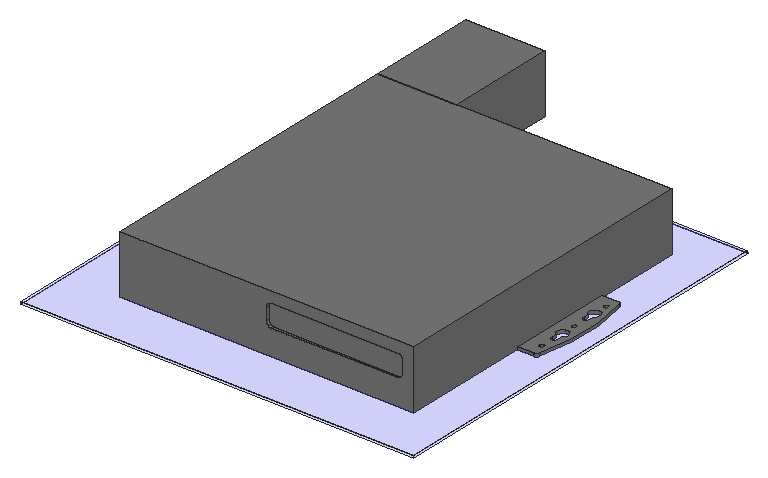
Revit family "QSC SPA4-100 Amplifier Surface Mount", category Generic Models, host Face, Revit 2014
Parameters (values of type "SPA4-100 @ 230VAC")
  Width = 8.663"  # constant formula
  Weight Product (lb) = 4  # constant formula
  Weight Product (kg) = 1.4  # constant formula
  Weight Dimensional (lb) = 6.5  # constant formula
  Weight Dimensional (kg) = 2.5  # constant formula
  Voltage AC = "100-240 at 50-60 Hz"  # constant formula
  URL = "http://www.qsc.com/systems/products/power-amplifiers/energystar-amplifiers/spa-series/spa4-100/"
  Sustainability Rating = "Energy Star"  # constant formula
  Show Surface Mount [instance] = yes
  Show Plenum Kit [instance] = yes
  Regulatory Compliance = "UL, CE, RoHS/WEEE, FCC Class B, UL 2043 with Plenum Kit Accessory"  # constant formula
  Product Page URL = "http://www.qsc.com/systems/products/power-amplifiers/energystar-amplifiers/spa-series/spa4-100/"
  Product Documentation Link = "http://www.qsc.com/resource-files/productresources/amp/spa/q_amp_spa_specs.pdf"
  Power Standby = 24  # constant formula
  Power Peak = 184
  Power Active = 184
  Model = "SPA4-100"  # constant formula
  Manufacturer URL = "http://www.qscaudio.com"
  Manufacturer = "QSC Audio Products, LLC"  # constant formula
  Height = 1.730"  # constant formula
  Heat Load Standby = 33  # constant formula
  Heat Load Active = 103  # constant formula
  Face Depth = 0.0788"
  Description = "4 Channel 100 Watt/Channel Amplfier"  # constant formula
  Depth = 9.48819"  # constant formula
  Default Elevation = 0.000"
  Current Draw = 0.8
  Enclosure Material [instance] = Dark Gray Finish
Types (4): name | Power Peak | Power Active | Current Draw
  (no name) | 184 | 184 | 0.8
  SPA4-100 @ 100VAC | 170 | 130 | 1.7
  SPA4-100 @ 120VAC | 180 | 132 | 1.5
  SPA4-100 @ 230VAC | 184 | 184 | 0.8
Reference planes (in)
  plane 1 "Center (Front/Back)": y = 0
  plane 2: z = 0
  plane 3 "Center (Left/Right)": x = 0
  plane 4 "Left": x = -4.3315
  plane 5 "Right": x = 4.3315
  plane 6 "Top": y = 4.74409
  plane 7 "Bottom": y = -4.74409
  plane 8 "New Top": z = 1.73
  plane 9 "Face Plance": y = -4.66509
Forms (in)
  Extrusion 1, solid, material "Glass"
    sketch origin (0, 0, 0) x (1, 0, 0) y (0, 1, 0)
      loop
        line (-6, 6) -> (-6, -6.33038) -> (5.58047, -6.33038) -> (5.58047, 6) -> (-6, 6)
    from 0 to -0.079
  Extrusion 2, solid, material "Dark Gray Finish" <- "Enclosure Material", visible <- "Show Surface Mount"
    sketch origin (0, 0, 0) x (1, 0, 0) y (0, 1, 0)
      loop
        arc (-4.80961, 2.14181) -> (-4.88935, 2.11446) -> (-4.93552, 2.04393) r 0.12992
        arc (-4.93552, 2.04393) -> (-5.11701, 0.59457) -> (-4.93552, -0.85479) r 5.87795
        arc (-4.93552, -0.85479) -> (-4.88935, -0.92532) -> (-4.80961, -0.95267) r 0.12992
        line (-4.80961, -0.95267) -> (-3.88496, -0.95267)
        arc (-3.88496, -0.95267) -> (-3.80522, -0.92532) -> (-3.75905, -0.85479) r 0.12992
        arc (-3.75905, -0.85479) -> (-3.57756, 0.59457) -> (-3.75905, 2.04393) r 5.87795
        arc (-3.75905, 2.04393) -> (-3.80522, 2.11446) -> (-3.88496, 2.14181) r 0.12992
        line (-3.88496, 2.14181) -> (-4.80961, 2.14181)
      loop
        arc (-4.68587, 1.20811) -> (-4.77052, 1.51977) -> (-4.85516, 1.20811) r 0.16732
        line (-4.85516, 1.20811) -> (-4.85516, 1.04733)
        arc (-4.85516, 1.04733) -> (-4.77052, 0.96268) -> (-4.68587, 1.04733) r 0.08465
        line (-4.68587, 1.04733) -> (-4.68587, 1.20811)
      loop
        arc (-3.83941, 1.20811) -> (-3.92406, 1.51977) -> (-4.0087, 1.20811) r 0.16732
        line (-4.0087, 1.20811) -> (-4.0087, 1.04733)
        arc (-4.0087, 1.04733) -> (-3.92406, 0.96268) -> (-3.83941, 1.04733) r 0.08465
        line (-3.83941, 1.04733) -> (-3.83941, 1.20811)
      loop
        arc (-3.83548, 0.03333) -> (-3.92406, 0.3426) -> (-4.01264, 0.03333) r 0.16732
        line (-4.01264, 0.03333) -> (-4.01264, -0.12984)
        arc (-4.01264, -0.12984) -> (-3.92406, -0.21842) -> (-3.83548, -0.12984) r 0.08858
        line (-3.83548, -0.12984) -> (-3.83548, 0.03333)
      loop
        arc (-4.68193, 0.03333) -> (-4.77052, 0.3426) -> (-4.8591, 0.03333) r 0.16732
        line (-4.8591, 0.03333) -> (-4.8591, -0.12984)
        arc (-4.8591, -0.12984) -> (-4.77052, -0.21842) -> (-4.68193, -0.12984) r 0.08858
        line (-4.68193, -0.12984) -> (-4.68193, 0.03333)
      loop
        circle (-4.77445, 0.59457) r 0.06496
      loop
        circle (-4.77445, -0.58653) r 0.06496
      loop
        circle (-4.77445, 1.77567) r 0.06496
      loop
        circle (-3.92012, 1.77567) r 0.06496
      loop
        circle (-3.92012, 0.59457) r 0.06496
      loop
        circle (-3.92012, -0.58653) r 0.06496
      loop
        line (4.80961, 2.14181) -> (3.88496, 2.14181)
        arc (3.88496, 2.14181) -> (3.80522, 2.11446) -> (3.75905, 2.04393) r 0.12992
        arc (3.75905, 2.04393) -> (3.57756, 0.59457) -> (3.75905, -0.85479) r 5.87795
        arc (3.75905, -0.85479) -> (3.80522, -0.92532) -> (3.88496, -0.95267) r 0.12992
        line (3.88496, -0.95267) -> (4.80961, -0.95267)
        arc (4.80961, -0.95267) -> (4.88935, -0.92532) -> (4.93552, -0.85479) r 0.12992
        arc (4.93552, -0.85479) -> (5.11701, 0.59457) -> (4.93552, 2.04393) r 5.87795
        arc (4.93552, 2.04393) -> (4.88935, 2.11446) -> (4.80961, 2.14181) r 0.12992
      loop
        line (4.68587, 1.20811) -> (4.68587, 1.04733)
        arc (4.68587, 1.04733) -> (4.77052, 0.96268) -> (4.85516, 1.04733) r 0.08465
        line (4.85516, 1.04733) -> (4.85516, 1.20811)
        arc (4.85516, 1.20811) -> (4.77052, 1.51977) -> (4.68587, 1.20811) r 0.16732
      loop
        line (3.83941, 1.20811) -> (3.83941, 1.04733)
        arc (3.83941, 1.04733) -> (3.92406, 0.96268) -> (4.0087, 1.04733) r 0.08465
        line (4.0087, 1.04733) -> (4.0087, 1.20811)
        arc (4.0087, 1.20811) -> (3.92406, 1.51977) -> (3.83941, 1.20811) r 0.16732
      loop
        line (3.83548, 0.03333) -> (3.83548, -0.12984)
        arc (3.83548, -0.12984) -> (3.92406, -0.21842) -> (4.01264, -0.12984) r 0.08858
        line (4.01264, -0.12984) -> (4.01264, 0.03333)
        arc (4.01264, 0.03333) -> (3.92406, 0.3426) -> (3.83548, 0.03333) r 0.16732
      loop
        line (4.68193, 0.03333) -> (4.68193, -0.12984)
        arc (4.68193, -0.12984) -> (4.77052, -0.21842) -> (4.8591, -0.12984) r 0.08858
        line (4.8591, -0.12984) -> (4.8591, 0.03333)
        arc (4.8591, 0.03333) -> (4.77052, 0.3426) -> (4.68193, 0.03333) r 0.16732
      loop
        circle (4.77445, 0.59457) r 0.06496
      loop
        circle (4.77445, -0.58653) r 0.06496
      loop
        circle (4.77445, 1.77567) r 0.06496
      loop
        circle (3.92012, 1.77567) r 0.06496
      loop
        circle (3.92012, 0.59457) r 0.06496
      loop
        circle (3.92012, -0.58653) r 0.06496
    from 0 to 0.079
  Extrusion 3, solid, material "Dark Gray Finish" <- "Enclosure Material", visible <- "Show Plenum Kit"
    sketch origin (0, 0, 0) x (1, 0, 0) y (0, 1, 0)
      loop
        line (-2.01448, 7.98296) -> (-4.3315, 7.98296) -> (-4.3315, 4.74429) -> (-2.01448, 4.74429) -> (-2.01448, 7.98296)
    from 0 to 1.73 <- "Height"
Dimensions and locks (in)
  equal spacing: plane 6 "Top", plane 1 "Center (Front/Back)", plane 7 "Bottom"
  "Depth": plane 6 "Top" to plane 7 "Bottom"
  equal spacing: plane 4 "Left", plane 3 "Center (Left/Right)", plane 5 "Right"
  "Width": plane 4 "Left" to plane 5 "Right"
  plane 4 "Left" to plane 5 "Right" = 8.663"
  "Height": plane 8 "New Top" to plane 2
  plane 9 "Face Plance" to plane 7 "Bottom" = 0.079"
  aligned and locked: plane 2 to Extrusion 1
  aligned and locked: level to Extrusion 1
Automatic sketch dimensions
  Extrusion 1 sketch curve to Extrusion 1 sketch curve = 11.58047"
  Extrusion 1 sketch curve to Extrusion 1 sketch curve = 12.33038"
  Extrusion 2 sketch curve to plane 1 "Center (Front/Back)" = 0.59457"  (x4)
  Extrusion 2 sketch curve to plane 4 "Left" = 5.12402"
  Extrusion 2 sketch curve to plane 1 "Center (Front/Back)" = 0.03333"  (x4)
  Extrusion 2 sketch curve to plane 4 "Left" = 0.5276"
  Extrusion 2 sketch curve to plane 4 "Left" = 0.52366"
  Extrusion 2 sketch curve to plane 4 "Left" = 0.47811"  (x2)
  Extrusion 2 sketch curve to Extrusion 2 sketch curve = 0.03516"  (x8)
  Extrusion 2 sketch curve to plane 4 "Left" = 0.44295"
  Extrusion 2 sketch curve to Extrusion 2 sketch curve = 0.08858"  (x8)
  Extrusion 2 sketch curve to Extrusion 2 sketch curve = 0.08465"  (x8)
  plane 1 "Center (Front/Back)" to Extrusion 2 sketch curve = 0.12984"  (x4)
  plane 4 "Left" to Extrusion 2 sketch curve = 0.31886"
  plane 4 "Left" to Extrusion 2 sketch curve = 0.3228"
  plane 4 "Left" to Extrusion 2 sketch curve = 0.41138"  (x3)
  Extrusion 2 sketch curve to plane 3 "Center (Left/Right)" = 0.76094"
  plane 3 "Center (Left/Right)" to Extrusion 2 sketch curve = 0.76094"
  Extrusion 2 sketch curve to plane 5 "Right" = 0.49602"
  Extrusion 2 sketch curve to plane 5 "Right" = 0.49209"
  Extrusion 2 sketch curve to plane 5 "Right" = 0.44654"  (x2)
  Extrusion 2 sketch curve to plane 5 "Right" = 0.41138"
  plane 5 "Right" to Extrusion 2 sketch curve = 0.35043"
  plane 5 "Right" to Extrusion 2 sketch curve = 0.35437"
  plane 5 "Right" to Extrusion 2 sketch curve = 0.44295"
  Extrusion 2 sketch curve to Extrusion 2 sketch curve = 0.00394"  (x2)
  Extrusion 2 sketch curve to Extrusion 2 sketch curve = 4.60035"
  plane 1 "Center (Front/Back)" to Extrusion 2 sketch curve = 0.58653"
  Extrusion 2 sketch curve to Extrusion 2 sketch curve = 0.45669"  (x3)
  Extrusion 2 sketch curve to Extrusion 2 sketch curve = 0.23622"  (x8)
  Extrusion 2 sketch curve to Extrusion 2 sketch curve = 0.12992"  (x4)
  Extrusion 2 sketch curve to Extrusion 2 sketch curve = 0.14195"  (x4)
  Extrusion 2 sketch curve to Extrusion 2 sketch curve = 0.41929"  (x4)
  Extrusion 2 sketch curve to Extrusion 2 sketch curve = 0.45276"  (x4)
  Extrusion 2 sketch curve to Extrusion 2 sketch curve = 0.16079"  (x4)
  Extrusion 2 sketch curve to Extrusion 2 sketch curve = 0.14433"  (x4)
  Extrusion 2 sketch curve to Extrusion 2 sketch curve = 0.42323"  (x4)
  Extrusion 2 sketch curve to Extrusion 2 sketch curve = 0.000"  (x4)
  Extrusion 3 sketch curve to plane 4 "Left" = 0.000"
  plane 6 "Top" to Extrusion 3 sketch curve = 0.0002"
  Extrusion 3 sketch curve to plane 3 "Center (Left/Right)" = 2.01448"
  Extrusion 3 sketch curve to Extrusion 3 sketch curve = 3.23866"
  radius of Extrusion 2 sketch curve = 0.06496"  (x12)
Nested families (in)
  nested 1: "QSC SPA4-60 Amplifier Front Facing Rackmount" at (0, -4.66509, 0.865) x (1, 0, 0) z (0, -1, 0), type "SPA4-60 @ 100VAC"
    with Show Right Ear Short no, Show Right Ear Long no, Show Left Ear Short no, Show Left Ear Long no, Enclosure Material Dark Gray Finish
Connectors (in)
  cabletrayconduit at (-3.17299, 7.98296, 0.865), diameter 24
    settings: on Extrusion 3, index 1, connector width 12.000", connector height 12.000", connector angle 45.00°, system type 32, placement type 1, profile type 0, connector reference index -1, is primary connector yes, connector utility param no, connector description "1/2\" Conduit Knockout"
  cabletrayconduit at (-3.17299, 6.36363, 1.73), diameter 24
    settings: on Extrusion 3, index 2, connector width 12.000", connector height 12.000", connector angle 0.00°, system type 32, placement type 1, profile type 0, connector reference index -1, is primary connector no, connector utility param no, connector description "1/2\" Conduit Knockout"
  electrical at (-3.20953, 4.54744, 0.86465)
    settings: on nested 1, index 3, voltage 0 V, apparent load 0 VA, apparent load phase1 0 VA, apparent load phase2 0 VA, apparent load phase3 0 VA, power factor 1, load classification "Other", number of poles 1, system type 31, power factor state 1, is connector primary yes, connector utility no, sub classification motor no, connector description ""
  electrical at (3.82591, 4.54744, 1.35471)
    settings: on nested 1, index 4, voltage 0 V, apparent load 0 VA, apparent load phase1 0 VA, apparent load phase2 0 VA, apparent load phase3 0 VA, power factor 1, load classification "Other", number of poles 1, system type 14, power factor state 1, is connector primary no, connector utility no, sub classification motor no, connector description "Output 1"
  electrical at (3.1763, 4.54744, 1.35471)
    settings: on nested 1, index 5, voltage 0 V, apparent load 0 VA, apparent load phase1 0 VA, apparent load phase2 0 VA, apparent load phase3 0 VA, power factor 1, load classification "Other", number of poles 1, system type 14, power factor state 1, is connector primary no, connector utility no, sub classification motor no, connector description "Output 2"
  electrical at (2.60516, 4.54744, 1.3835)
    settings: on nested 1, index 6, voltage 0 V, apparent load 0 VA, apparent load phase1 0 VA, apparent load phase2 0 VA, apparent load phase3 0 VA, power factor 1, load classification "Other", number of poles 1, system type 14, power factor state 1, is connector primary no, connector utility no, sub classification motor no, connector description "Ch 1&2 Standby Control"
  electrical at (2.21146, 4.54744, 1.3835)
    settings: on nested 1, index 7, voltage 0 V, apparent load 0 VA, apparent load phase1 0 VA, apparent load phase2 0 VA, apparent load phase3 0 VA, power factor 1, load classification "Other", number of poles 1, system type 14, power factor state 1, is connector primary no, connector utility no, sub classification motor no, connector description "Ch 1&2 Volume Control"
  electrical at (1.68134, 4.54744, 1.3835)
    settings: on nested 1, index 8, voltage 0 V, apparent load 0 VA, apparent load phase1 0 VA, apparent load phase2 0 VA, apparent load phase3 0 VA, power factor 1, load classification "Other", number of poles 1, system type 14, power factor state 1, is connector primary no, connector utility no, sub classification motor no, connector description "Input 1"
  electrical at (1.28764, 4.54744, 1.3835)
    settings: on nested 1, index 9, voltage 0 V, apparent load 0 VA, apparent load phase1 0 VA, apparent load phase2 0 VA, apparent load phase3 0 VA, power factor 1, load classification "Other", number of poles 1, system type 14, power factor state 1, is connector primary no, connector utility no, sub classification motor no, connector description "Input 2"
  electrical at (1.28764, 4.54744, 1.0835)
    settings: on nested 1, index 10, voltage 0 V, apparent load 0 VA, apparent load phase1 0 VA, apparent load phase2 0 VA, apparent load phase3 0 VA, power factor 1, load classification "Other", number of poles 1, system type 14, power factor state 1, is connector primary no, connector utility no, sub classification motor no, connector description "Input 4"
  electrical at (1.68134, 4.54744, 1.0835)
    settings: on nested 1, index 11, voltage 0 V, apparent load 0 VA, apparent load phase1 0 VA, apparent load phase2 0 VA, apparent load phase3 0 VA, power factor 1, load classification "Other", number of poles 1, system type 14, power factor state 1, is connector primary no, connector utility no, sub classification motor no, connector description "Input 3"
  electrical at (2.21146, 4.54744, 1.0835)
    settings: on nested 1, index 12, voltage 0 V, apparent load 0 VA, apparent load phase1 0 VA, apparent load phase2 0 VA, apparent load phase3 0 VA, power factor 1, load classification "Other", number of poles 1, system type 14, power factor state 1, is connector primary no, connector utility no, sub classification motor no, connector description "Ch 3&4 Volume Control"
  electrical at (2.60516, 4.54744, 1.0835)
    settings: on nested 1, index 13, voltage 0 V, apparent load 0 VA, apparent load phase1 0 VA, apparent load phase2 0 VA, apparent load phase3 0 VA, power factor 1, load classification "Other", number of poles 1, system type 14, power factor state 1, is connector primary no, connector utility no, sub classification motor no, connector description "Ch 3&4 Standby Control"
  electrical at (3.1763, 4.54744, 0.35471)
    settings: on nested 1, index 14, voltage 0 V, apparent load 0 VA, apparent load phase1 0 VA, apparent load phase2 0 VA, apparent load phase3 0 VA, power factor 1, load classification "Other", number of poles 1, system type 14, power factor state 1, is connector primary no, connector utility no, sub classification motor no, connector description "Output 4"
  electrical at (3.82591, 4.54744, 0.35471)
    settings: on nested 1, index 15, voltage 0 V, apparent load 0 VA, apparent load phase1 0 VA, apparent load phase2 0 VA, apparent load phase3 0 VA, power factor 1, load classification "Other", number of poles 1, system type 14, power factor state 1, is connector primary no, connector utility no, sub classification motor no, connector description "Output 3"
Definition of nested family "QSC SPA4-60 Amplifier Front Facing Rackmount"
  Parameters (values of type "SPA4-60 @ 230VAC")
    Width = 8.663"  # constant formula
    Weight Product (lb) = 4  # constant formula
    Weight Product (kg) = 1.4  # constant formula
    Weight Dimensional (lb) = 6.5  # constant formula
    Weight Dimensional (kg) = 2.5  # constant formula
    Voltage AC = "100-240 at 50-60 Hz"  # constant formula
    URL = "http://qsc.com/products/Power_Amplifiers/Spa_Series/SPA4-60/"
    Sustainability Rating = "Energy Star"  # constant formula
    Show Right Ear Short [instance] = yes
    Show Right Ear Long [instance] = no
    Show Left Ear Short [instance] = yes
    Show Left Ear Long [instance] = no
    Regulatory Compliance = "UL, CE, RoHS/WEEE, FCC Class B"  # constant formula
    Product Page URL = "http://qsc.com/products/Power_Amplifiers/Spa_Series/SPA4-60/\r\n\r\n\r\n."
    Product Documentation Link = "http://qsc.com/files/8714/4192/0733/SPA_Series_Specsheet_English.pdf"
    Power Standby = 24  # constant formula
    Power Peak = 184
    Power Active = 184
    Model = "SPA4-60"
    Manufacturer URL = "http://www.qscaudio.com"
    Manufacturer = "QSC Audio Products, LLC"  # constant formula
    Height = 1.730"  # constant formula
    Heat Load Standby = 33  # constant formula
    Heat Load Active = 103  # constant formula
    Face Depth = 0.0788"
    Description = "4 Channel 60 Watt/Channel Amplfier"
    Depth = 9.48819"  # constant formula
    Default Elevation = 0.000"
    Current Draw = 0.8
    Enclosure Material [instance] = Dark Gray Finish
    Amp Only Width = 8.663"  # constant formula
  Types (4): name | Power Peak | Power Active | Current Draw
    (no name) | 184 | 184 | 0.8
    SPA4-60 @ 100VAC | 170 | 130 | 1.7
    SPA4-60 @ 120VAC | 180 | 132 | 1.5
    SPA4-60 @ 230VAC | 184 | 184 | 0.8
  Reference planes (in)
    plane 1 "Center (Front/Back)": y = 0
    plane 2: z = 0
    plane 3 "Center (Left/Right)": x = 0
    plane 4 "Left": x = -4.3315
    plane 5 "Right": x = 4.3315
    plane 6 "Top": y = 0.865
    plane 7 "Bottom": y = -0.865
    plane 8 "Back": z = -9.40939
    plane 9 "Right Extend Ear": x = 13.8135
    plane 10 "Left Extend Ear": x = -13.8135
    plane 11 "Left Short Ear": x = -5.1529
    plane 12 "Right Short Ear": x = 5.1529
    plane 13 "Front": z = 0.0788
  Forms (in)
    Extrusion 1, solid, material "Glass"
      sketch origin (0, 0, 0) x (1, 0, 0) y (0, 1, 0)
        loop
          line (-14.5, 1.9685) -> (-14.5, -1.88975) -> (14.73031, -1.88975) -> (14.73031, 1.9685) -> (-14.5, 1.9685)
      from 0 to -0.079
    Extrusion 2, solid, material "Dark Gray Finish" <- "Enclosure Material"
      sketch origin (0, -0.865, 0) x (-1, 0, 0) y (0, 0, 1)
        loop
          line (4.3315, 0.0788) -> (-4.3315, 0.0788) -> (-4.3315, -9.40939) -> (4.3315, -9.40939) -> (4.3315, 0.0788)
      from 0 to 1.73 <- "Height"
    Extrusion 3, void
      sketch origin (0, 0, -9.40939) x (-1, 0, 0) y (0, -1, 0)
        loop
          line (-4.13103, -0.64625) -> (-3.52079, -0.64625) -> (-3.52079, -0.33317) -> (-4.13103, -0.33317) -> (-4.13103, -0.64625)
        loop
          line (-2.87118, -0.33317) -> (-3.48142, -0.33317) -> (-3.48142, -0.64625) -> (-2.87118, -0.64625) -> (-2.87118, -0.33317)
        loop
          line (-2.73547, -0.40133) -> (-2.73547, -0.63567) -> (-2.47484, -0.63567) -> (-2.47484, -0.40133) -> (-2.73547, -0.40133)
        loop
          line (-1.98744, -0.63567) -> (-1.98744, -0.40133) -> (-2.43547, -0.40133) -> (-2.43547, -0.63567) -> (-1.98744, -0.63567)
        loop
          line (-1.8585, -0.40133) -> (-1.8585, -0.63567) -> (-1.50417, -0.63567) -> (-1.50417, -0.40133) -> (-1.8585, -0.40133)
        loop
          line (-1.11047, -0.63567) -> (-1.11047, -0.40133) -> (-1.4648, -0.40133) -> (-1.4648, -0.63567) -> (-1.11047, -0.63567)
        loop
          line (2.83544, -0.39444) -> (3.58439, -0.39444)
          arc (3.58439, -0.39444) -> (3.66726, -0.36012) -> (3.70158, -0.27725) r 0.11719
          line (3.70158, -0.27725) -> (3.70158, 0.04564)
          arc (3.70158, 0.04564) -> (3.69563, 0.07554) -> (3.6787, 0.10088) r 0.07813
          line (3.6787, 0.10088) -> (3.52761, 0.25197)
          arc (3.52761, 0.25197) -> (3.50227, 0.26891) -> (3.47237, 0.27485) r 0.07813
          line (3.47237, 0.27485) -> (2.94654, 0.27485)
          arc (2.94654, 0.27485) -> (2.91664, 0.26891) -> (2.89129, 0.25197) r 0.07813
          line (2.89129, 0.25197) -> (2.74021, 0.10088)
          arc (2.74021, 0.10088) -> (2.72327, 0.07554) -> (2.71733, 0.04564) r 0.07813
          line (2.71733, 0.04564) -> (2.71733, -0.27633)
          arc (2.71733, -0.27633) -> (2.75192, -0.35985) -> (2.83544, -0.39444) r 0.11811
        loop
          line (-2.73547, -0.10133) -> (-2.73547, -0.33567) -> (-2.47484, -0.33567) -> (-2.47484, -0.10133) -> (-2.73547, -0.10133)
        loop
          line (-1.98744, -0.33567) -> (-1.98744, -0.10133) -> (-2.43547, -0.10133) -> (-2.43547, -0.33567) -> (-1.98744, -0.33567)
        loop
          line (-1.8585, -0.10133) -> (-1.8585, -0.33567) -> (-1.50417, -0.33567) -> (-1.50417, -0.10133) -> (-1.8585, -0.10133)
        loop
          line (-1.11047, -0.33567) -> (-1.11047, -0.10133) -> (-1.4648, -0.10133) -> (-1.4648, -0.33567) -> (-1.11047, -0.33567)
        loop
          line (-4.13103, 0.35375) -> (-3.52079, 0.35375) -> (-3.52079, 0.66683) -> (-4.13103, 0.66683) -> (-4.13103, 0.35375)
        loop
          line (-2.87118, 0.66683) -> (-3.48142, 0.66683) -> (-3.48142, 0.35375) -> (-2.87118, 0.35375) -> (-2.87118, 0.66683)
      from 0 to 0.19685
    Extrusion 4, void
      sketch origin (-16.617, -180, 0.0788) x (0, -1, 0) y (-1, 0, 0)
        loop
          line (-180.55192, -16.7645) -> (-180.55192, -20.46917)
          arc (-180.55192, -20.46917) -> (-180.50615, -20.57966) -> (-180.39567, -20.62542) r 0.15625
          line (-180.39567, -20.62542) -> (-180.03888, -20.62542)
          arc (-180.03888, -20.62542) -> (-179.92839, -20.57966) -> (-179.88263, -20.46917) r 0.15625
          line (-179.88263, -20.46917) -> (-179.88263, -16.7645)
          arc (-179.88263, -16.7645) -> (-179.92839, -16.65402) -> (-180.03888, -16.60825) r 0.15625
          line (-180.03888, -16.60825) -> (-180.39567, -16.60825)
          arc (-180.39567, -16.60825) -> (-180.50615, -16.65402) -> (-180.55192, -16.7645) r 0.15625
      from 0 to 0.079
    Extrusion 5, solid, material "Dark Gray Finish" <- "Enclosure Material", visible <- "Show Left Ear Short"
      sketch origin (0, 0, 0) x (1, 0, 0) y (0, 1, 0)
        loop
          arc (-5.02784, 0.865) -> (-5.11623, 0.82839) -> (-5.1529, 0.74) r 0.125
          line (-5.1529, 0.74) -> (-5.15284, -0.74)
          arc (-5.15284, -0.74) -> (-5.11623, -0.82839) -> (-5.02784, -0.865) r 0.125
          line (-5.02784, -0.865) -> (-4.3315, -0.865) -> (-4.3315, 0.865) -> (-5.02784, 0.865)
        loop
          line (-4.7552, 0.76559) -> (-4.893, 0.76559)
          arc (-4.893, 0.76559) -> (-5.0266, 0.64002) -> (-4.90953, 0.4989) r 0.13386
          arc (-4.90953, 0.4989) -> (-4.8241, 0.41343) -> (-4.73867, 0.4989) r 0.08543
          arc (-4.73867, 0.4989) -> (-4.6216, 0.64002) -> (-4.7552, 0.76559) r 0.13386
        loop
          arc (-4.7552, -0.75213) -> (-4.6216, -0.62655) -> (-4.73867, -0.48543) r 0.13386
          arc (-4.73867, -0.48543) -> (-4.8241, -0.39996) -> (-4.90953, -0.48543) r 0.08543
          arc (-4.90953, -0.48543) -> (-5.0266, -0.62655) -> (-4.893, -0.75213) r 0.13386
          line (-4.893, -0.75213) -> (-4.7552, -0.75213)
      from 0 to 0.0788 <- "Face Depth"
    Extrusion 6, solid, material "Dark Gray Finish" <- "Enclosure Material", visible <- "Show Right Ear Short"
      sketch origin (0, 0, 0) x (-1, 0, 0) y (0, -1, 0)
        loop
          line (-5.02784, -0.865) -> (-4.3315, -0.865) -> (-4.3315, 0.865) -> (-5.02784, 0.865)
          arc (-5.02784, 0.865) -> (-5.11623, 0.82839) -> (-5.15284, 0.74) r 0.125
          line (-5.15284, 0.74) -> (-5.1529, -0.74)
          arc (-5.1529, -0.74) -> (-5.11623, -0.82839) -> (-5.02784, -0.865) r 0.125
        loop
          arc (-4.7552, -0.76559) -> (-4.6216, -0.64002) -> (-4.73867, -0.4989) r 0.13386
          arc (-4.73867, -0.4989) -> (-4.8241, -0.41343) -> (-4.90953, -0.4989) r 0.08543
          arc (-4.90953, -0.4989) -> (-5.0266, -0.64002) -> (-4.893, -0.76559) r 0.13386
          line (-4.893, -0.76559) -> (-4.7552, -0.76559)
        loop
          line (-4.7552, 0.75213) -> (-4.893, 0.75213)
          arc (-4.893, 0.75213) -> (-5.0266, 0.62655) -> (-4.90953, 0.48543) r 0.13386
          arc (-4.90953, 0.48543) -> (-4.8241, 0.39996) -> (-4.73867, 0.48543) r 0.08543
          arc (-4.73867, 0.48543) -> (-4.6216, 0.62655) -> (-4.7552, 0.75213) r 0.13386
      from 0 to 0.0788 <- "Face Depth"
    Extrusion 7, solid, material "Dark Gray Finish" <- "Enclosure Material", visible <- "Show Right Ear Long"
      sketch origin (0, 0, 0) x (-1, 0, 0) y (0, -1, 0)
        loop
          arc (-13.55582, -0.49787) -> (-13.68968, -0.63173) -> (-13.55582, -0.76559) r 0.13386
          line (-13.55582, -0.76559) -> (-13.41803, -0.76559)
          arc (-13.41803, -0.76559) -> (-13.28417, -0.63173) -> (-13.41803, -0.49787) r 0.13386
          line (-13.41803, -0.49787) -> (-13.55582, -0.49787)
        loop
          arc (-13.55582, 0.75213) -> (-13.68968, 0.61827) -> (-13.55582, 0.48441) r 0.13386
          line (-13.55582, 0.48441) -> (-13.41803, 0.48441)
          arc (-13.41803, 0.48441) -> (-13.28417, 0.61827) -> (-13.41803, 0.75213) r 0.13386
          line (-13.41803, 0.75213) -> (-13.55582, 0.75213)
        loop
          line (-13.8135, 0.74) -> (-13.8135, -0.74)
          arc (-13.8135, -0.74) -> (-13.77689, -0.82839) -> (-13.6885, -0.865) r 0.125
          line (-13.6885, -0.865) -> (-4.3315, -0.865) -> (-4.3315, 0.865) -> (-13.6885, 0.865)
          arc (-13.6885, 0.865) -> (-13.77689, 0.82839) -> (-13.8135, 0.74) r 0.125
      from 0 to 0.0788 <- "Face Depth"
    Extrusion 8, solid, material "Dark Gray Finish" <- "Enclosure Material", visible <- "Show Left Ear Long"
      sketch origin (0, 0, 0) x (1, 0, 0) y (0, 1, 0)
        loop
          line (-13.55582, 0.49787) -> (-13.41803, 0.49787)
          arc (-13.41803, 0.49787) -> (-13.28417, 0.63173) -> (-13.41803, 0.76559) r 0.13386
          line (-13.41803, 0.76559) -> (-13.55582, 0.76559)
          arc (-13.55582, 0.76559) -> (-13.68968, 0.63173) -> (-13.55582, 0.49787) r 0.13386
        loop
          line (-13.55582, -0.75213) -> (-13.41803, -0.75213)
          arc (-13.41803, -0.75213) -> (-13.28417, -0.61827) -> (-13.41803, -0.48441) r 0.13386
          line (-13.41803, -0.48441) -> (-13.55582, -0.48441)
          arc (-13.55582, -0.48441) -> (-13.68968, -0.61827) -> (-13.55582, -0.75213) r 0.13386
        loop
          arc (-13.8135, -0.74) -> (-13.77689, -0.82839) -> (-13.6885, -0.865) r 0.125
          line (-13.6885, -0.865) -> (-4.3315, -0.865) -> (-4.3315, 0.865) -> (-13.6885, 0.865)
          arc (-13.6885, 0.865) -> (-13.77689, 0.82839) -> (-13.8135, 0.74) r 0.125
          line (-13.8135, 0.74) -> (-13.8135, -0.74)
      from 0 to 0.0788 <- "Face Depth"
  Cuts and joins
    Extrusion 3, Extrusion 4 cuts Extrusion 2
  Lines and regions (in)
    model lines, style "GenericModel", not visible, detail levels fine
      curve 1: line (13.55599, -1.01274, 0.03125) -> (13.46873, -0.89778, 0.03125)
      curve 2: line (13.46873, -0.89778, 0.03125) -> (13.55599, -1.01274, 0.03125)
      curve 3: line (13.15237, -0.99839, 0.03125) -> (13.18534, -0.8798, 0.03125)
      curve 4: line (13.18534, -0.8798, 0.03125) -> (13.15237, -0.99839, 0.03125)
      curve 5: line (13.20744, -1.07691, 0.03125) -> (13.18283, -0.85745, 0.03125)
      curve 6: line (13.18283, -0.85745, 0.03125) -> (13.20744, -1.07691, 0.03125)
      curve 7: line (13.67283, -0.92336, 0.03125) -> (13.75064, -0.98053, 0.03125)
      curve 8: line (13.75064, -0.98053, 0.03125) -> (13.67283, -0.92336, 0.03125)
      curve 25: line (-3.35339, 0.42119, 0) -> (-3.44988, 0.54832, 0)
      curve 26: line (-3.44988, 0.54832, 0) -> (-3.35339, 0.42119, 0)
      curve 27: line (-3.7997, 0.43707, 0) -> (-3.76325, 0.5682, 0)
      curve 28: line (-3.76325, 0.5682, 0) -> (-3.7997, 0.43707, 0)
      curve 29: line (-3.73881, 0.35024, 0) -> (-3.76602, 0.59291, 0)
      curve 30: line (-3.76602, 0.59291, 0) -> (-3.73881, 0.35024, 0)
      curve 31: line (-3.22419, 0.52002, 0) -> (-3.13815, 0.45681, 0)
      curve 32: line (-3.13815, 0.45681, 0) -> (-3.22419, 0.52002, 0)
      curve 45: line (-3.35339, 0.42119, 0.0788) -> (-3.44988, 0.54832, 0.0788)
      curve 46: line (-3.44988, 0.54832, 0.0788) -> (-3.35339, 0.42119, 0.0788)
      curve 47: line (-3.7997, 0.43707, 0.0788) -> (-3.76325, 0.5682, 0.0788)
      curve 48: line (-3.76325, 0.5682, 0.0788) -> (-3.7997, 0.43707, 0.0788)
      curve 49: line (-3.73881, 0.35024, 0.0788) -> (-3.76602, 0.59291, 0.0788)
      curve 50: line (-3.76602, 0.59291, 0.0788) -> (-3.73881, 0.35024, 0.0788)
      curve 51: line (-3.22419, 0.52002, 0.0788) -> (-3.13815, 0.45681, 0.0788)
      curve 52: line (-3.13815, 0.45681, 0.0788) -> (-3.22419, 0.52002, 0.0788)
    model lines, not visible
      curve 9: arc (-4.09496, -0.0625, 1.79211) -> (-3.79966, 0.2328, 1.79211) -> (-3.50436, -0.0625, 1.79211) r 0.2953
      curve 10: arc (-3.50436, -0.0625, 1.79211) -> (-3.79966, -0.3578, 1.79211) -> (-4.09496, -0.0625, 1.79211) r 0.2953
      curve 11: arc (2.90932, 0.1875, 1.79211) -> (3.51952, 0.7977, 1.79211) -> (4.12972, 0.1875, 1.79211) r 0.6102
      curve 12: arc (4.12972, 0.1875, 1.79211) -> (3.51952, -0.4227, 1.79211) -> (2.90932, 0.1875, 1.79211) r 0.6102
      curve 13: line (2.1373, 0.9632, 1.79211) -> (2.1373, -0.8138, 1.79211)
      curve 14: line (2.1373, -0.8138, 1.79211) -> (-0.6525, -0.8138, 1.79211)
      curve 15: line (-0.6525, -0.8138, 1.79211) -> (-0.6525, 0.9632, 1.79211)
      curve 16: line (-0.6525, 0.9632, 1.79211) -> (2.1373, 0.9632, 1.79211)
      curve 37: line (-0.04, 0.55192, 0) -> (3.97575, 0.55192, 0)
      curve 38: line (-0.04, -0.11737, 0) -> (-0.04, 0.55192, 0)
      curve 39: line (3.97575, -0.11737, 0) -> (-0.04, -0.11737, 0)
      curve 40: line (3.97575, 0.55192, 0) -> (3.97575, -0.11737, 0)
    model lines, style "GenericModel", detail levels fine
      curve 17: line (-3.29089, 0.35869, 0.0788) -> (-3.38738, 0.48582, 0.0788)
      curve 18: line (-3.38738, 0.48582, 0.0788) -> (-3.29089, 0.35869, 0.0788)
      curve 19: line (-3.7372, 0.37457, 0.0788) -> (-3.70075, 0.5057, 0.0788)
      curve 20: line (-3.70075, 0.5057, 0.0788) -> (-3.7372, 0.37457, 0.0788)
      curve 21: line (-3.67631, 0.28774, 0.0788) -> (-3.70352, 0.53041, 0.0788)
      curve 22: line (-3.70352, 0.53041, 0.0788) -> (-3.67631, 0.28774, 0.0788)
      curve 23: line (-3.16169, 0.45752, 0.0788) -> (-3.07565, 0.39431, 0.0788)
      curve 24: line (-3.07565, 0.39431, 0.0788) -> (-3.16169, 0.45752, 0.0788)
    model lines
      curve 33: line (0.1475, 0.55192, 0) -> (3.85217, 0.55192, 0)
      curve 34: line (-0.00875, 0.03888, 0) -> (-0.00875, 0.39567, 0)
      curve 35: line (3.85217, -0.11737, 0) -> (0.1475, -0.11737, 0)
      curve 36: line (4.00842, 0.39567, 0) -> (4.00842, 0.03888, 0)
      curve 41: arc (-0.00875, 0.39567, 0) -> (0.03701, 0.50615, 0) -> (0.1475, 0.55192, 0) r 0.15625
      curve 42: arc (-0.00875, 0.03888, 0) -> (0.03701, -0.07161, 0) -> (0.1475, -0.11737, 0) r 0.15625
      curve 43: arc (3.85217, -0.11737, 0) -> (3.96265, -0.07161, 0) -> (4.00842, 0.03888, 0) r 0.15625
      curve 44: arc (4.00842, 0.39567, 0) -> (3.96265, 0.50615, 0) -> (3.85217, 0.55192, 0) r 0.15625
  Dimensions and locks (in)
    equal spacing: plane 6 "Top", plane 1 "Center (Front/Back)", plane 7 "Bottom"
    "Height": plane 6 "Top" to plane 7 "Bottom"
    equal spacing: plane 4 "Left", plane 3 "Center (Left/Right)", plane 5 "Right"
    "Width": plane 4 "Left" to plane 5 "Right"
    plane 4 "Left" to plane 5 "Right" = 8.663"
    plane 5 "Right" to plane 9 "Right Extend Ear" = 9.482"
    plane 10 "Left Extend Ear" to plane 4 "Left" = 9.482"
    plane 11 "Left Short Ear" to plane 4 "Left" = 0.8214"
    plane 5 "Right" to plane 12 "Right Short Ear" = 0.8214"
    "Face Depth": plane 13 "Front" to plane 2
    "Depth": plane 13 "Front" to plane 8 "Back"
    aligned and locked: plane 2 to Extrusion 1
    aligned and locked: level to Extrusion 1
    aligned and locked: plane 4 "Left" to Extrusion 2 sketch curve
    aligned and locked: plane 8 "Back" to Extrusion 2 sketch curve
    aligned and locked: Extrusion 2 sketch curve to plane 5 "Right"
    aligned and locked: Extrusion 2 sketch curve to plane 13 "Front"
    aligned and locked: Extrusion 5 sketch curve to plane 6 "Top"
    aligned and locked: plane 11 "Left Short Ear" to Extrusion 5 sketch curve
    aligned and locked: cut or joined group of Extrusion 2, Extrusion 3, Extrusion 4 to Extrusion 5 sketch curve
    aligned and locked: Extrusion 5 sketch curve to cut or joined group of Extrusion 2, Extrusion 3, Extrusion 4
    aligned and locked: cut or joined group of Extrusion 2, Extrusion 3, Extrusion 4 to Extrusion 7 sketch curve
    aligned and locked: plane 9 "Right Extend Ear" to Extrusion 7 sketch curve
    aligned and locked: Extrusion 7 sketch curve to plane 7 "Bottom"
    aligned and locked: Extrusion 7 sketch curve to plane 6 "Top"
  Automatic sketch dimensions
    curve 34 to curve 34 = 0.35679"
    curve 35 to curve 35 = 3.70467"
    curve 36 to curve 36 = 0.35679"  (x2)
    curve 34 to curve 35 = 3.86408"
    curve 35 to curve 33 = 0.66929"
    curve 23 to curve 24 = 0.000"  (x4)
    curve 24 to curve 23 = 0.10677"
    curve 18 to curve 23 = 0.16267"
    curve 17 to curve 18 = 0.000"  (x5)
    curve 17 to curve 18 = 0.15959"
    curve 18 to curve 17 = 0.000"  (x3)
    curve 21 to curve 17 = 0.35031"
    curve 22 to curve 21 = 0.000"  (x4)
    curve 20 to curve 21 = 0.21933"
    curve 19 to curve 20 = 0.000"  (x4)
    curve 22 to curve 19 = 0.02487"
    curve 21 to curve 22 = 0.000"  (x4)
    curve 19 to curve 21 = 0.10605"
    curve 20 to curve 19 = 0.000"  (x2)
    curve 22 to curve 18 = 0.3919"
    curve 21 to curve 20 = 0.10605"
    curve 17 to curve 23 = 0.21817"
    curve 24 to curve 23 = 0.000"  (x4)
    curve 23 to curve 24 = 0.10677"
    curve 18 to curve 17 = 0.15959"
    curve 20 to curve 20 = 0.13611"
    curve 24 to curve 33 = 3.227"
    curve 22 to curve 33 = 3.83293"
    curve 38 to curve 39 = 4.01575"
    curve 39 to curve 37 = 0.66929"
    curve 31 to curve 32 = 0.000"  (x3)
    curve 32 to curve 31 = 0.08604"
    curve 26 to curve 31 = 0.1292"
    curve 25 to curve 26 = 0.000"  (x2)
    curve 25 to curve 26 = 0.09649"
    curve 26 to curve 25 = 0.000"  (x2)
    curve 29 to curve 25 = 0.28894"
    curve 30 to curve 29 = 0.000"  (x2)
    curve 28 to curve 29 = 0.02444"
    curve 27 to curve 28 = 0.000"  (x2)
    curve 30 to curve 27 = 0.00277"
    curve 29 to curve 30 = 0.000"  (x2)
    curve 27 to curve 29 = 0.06089"
    curve 28 to curve 27 = 0.000"
    curve 30 to curve 26 = 0.07095"
    curve 29 to curve 28 = 0.08683"
    curve 25 to curve 31 = 0.03562"
    curve 32 to curve 31 = 0.000"
    curve 31 to curve 32 = 0.06321"
    curve 26 to curve 25 = 0.12712"
    curve 28 to curve 28 = 0.13113"
    curve 32 to curve 37 = 3.09814"
    curve 30 to curve 37 = 0.20168"
    curve 23 to curve 23 = 0.08604"
    curve 23 to curve 18 = 0.1292"
    curve 17 to curve 17 = 0.09649"
    curve 17 to curve 22 = 0.28894"
    curve 21 to curve 20 = 0.02444"
    curve 19 to curve 21 = 0.00277"
    curve 21 to curve 20 = 0.06089"
    curve 21 to curve 20 = 0.02471"
    curve 19 to curve 18 = 0.01989"
    curve 17 to curve 23 = 0.02829"
    curve 24 to curve 23 = 0.06321"
    curve 17 to curve 18 = 0.12712"
    curve 19 to curve 21 = 0.08683"
    curve 51 to curve 52 = 0.000"
    curve 51 to curve 51 = 0.08604"
    curve 52 to curve 51 = 0.000"  (x3)
    curve 51 to curve 46 = 0.1292"
    curve 45 to curve 46 = 0.000"  (x3)
    curve 45 to curve 45 = 0.09649"
    curve 46 to curve 45 = 0.000"
    curve 45 to curve 50 = 0.28894"
    curve 49 to curve 50 = 0.000"  (x2)
    curve 49 to curve 48 = 0.02444"
    curve 47 to curve 48 = 0.000"  (x2)
    curve 47 to curve 49 = 0.00277"
    curve 50 to curve 49 = 0.000"  (x2)
    curve 49 to curve 48 = 0.06089"
    curve 49 to curve 48 = 0.02471"
    curve 47 to curve 46 = 0.01989"
    curve 45 to curve 51 = 0.02829"
    curve 52 to curve 51 = 0.06321"
    curve 48 to curve 47 = 0.000"
    curve 45 to curve 46 = 0.12712"
    curve 47 to curve 49 = 0.08683"
    curve 34 to plane 3 "Center (Left/Right)" = 0.00875"
    plane 3 "Center (Left/Right)" to curve 35 = 0.1475"
    plane 3 "Center (Left/Right)" to curve 41 = 0.1475"
    curve 44 to plane 5 "Right" = 0.47933"
    plane 1 "Center (Front/Back)" to curve 35 = 0.11737"
    curve 35 to plane 5 "Right" = 0.47933"
    curve 44 to curve 36 = 0.15625"
    Extrusion 1 sketch curve to Extrusion 1 sketch curve = 29.23031"
    Extrusion 1 sketch curve to Extrusion 1 sketch curve = 3.85825"
    Extrusion 3 sketch curve to plane 5 "Right" = 0.20047"  (x2)
    Extrusion 3 sketch curve to plane 6 "Top" = 0.21875"  (x2)
    Extrusion 3 sketch curve to Extrusion 3 sketch curve = 0.61024"  (x4)
    plane 7 "Bottom" to Extrusion 3 sketch curve = 0.19817"  (x2)
    Extrusion 3 sketch curve to Extrusion 3 sketch curve = 0.03937"  (x6)
    Extrusion 3 sketch curve to Extrusion 3 sketch curve = 0.13571"  (x2)
    Extrusion 3 sketch curve to plane 1 "Center (Front/Back)" = 0.10133"  (x3)
    Extrusion 3 sketch curve to Extrusion 3 sketch curve = 0.26063"
    Extrusion 3 sketch curve to Extrusion 3 sketch curve = 0.000"  (x9)
    Extrusion 3 sketch curve to Extrusion 3 sketch curve = 0.44803"
    Extrusion 3 sketch curve to Extrusion 3 sketch curve = 0.12894"
    Extrusion 3 sketch curve to Extrusion 3 sketch curve = 0.35433"  (x2)
    Extrusion 3 sketch curve to plane 1 "Center (Front/Back)" = 0.27633"
    plane 4 "Left" to Extrusion 3 sketch curve = 1.61417"
    plane 1 "Center (Front/Back)" to Extrusion 3 sketch curve = 0.10088"  (x2)
    Extrusion 3 sketch curve to Extrusion 3 sketch curve = 0.02288"
    plane 1 "Center (Front/Back)" to Extrusion 3 sketch curve = 0.04564"  (x2)
    Extrusion 3 sketch curve to Extrusion 3 sketch curve = 0.11811"
    plane 1 "Center (Front/Back)" to Extrusion 3 sketch curve = 0.25197"  (x2)
    Extrusion 3 sketch curve to Extrusion 3 sketch curve = 0.15109"  (x2)
    Extrusion 3 sketch curve to Extrusion 3 sketch curve = 0.05524"  (x4)
    Extrusion 3 sketch curve to Extrusion 3 sketch curve = 0.52583"
    Extrusion 3 sketch curve to Extrusion 3 sketch curve = 0.11202"
    Extrusion 3 sketch curve to plane 6 "Top" = 0.22933"  (x2)
    Extrusion 3 sketch curve to Extrusion 3 sketch curve = 0.23434"  (x3)
    Extrusion 3 sketch curve to Extrusion 3 sketch curve = 0.06566"  (x4)
    Extrusion 3 sketch curve to Extrusion 3 sketch curve = 0.31308"  (x3)
    Extrusion 3 sketch curve to Extrusion 3 sketch curve = 0.0025"
    Extrusion 4 sketch curve to plane 6 "Top" = 0.31308"
    Extrusion 4 sketch curve to Extrusion 4 sketch curve = 0.15625"  (x2)
    Extrusion 4 sketch curve to plane 1 "Center (Front/Back)" = 0.03888"  (x2)
    plane 1 "Center (Front/Back)" to Extrusion 4 sketch curve = 0.11737"
    Extrusion 4 sketch curve to plane 3 "Center (Left/Right)" = 0.00875"
    Extrusion 4 sketch curve to plane 5 "Right" = 0.47933"
    plane 11 "Left Short Ear" to Extrusion 5 sketch curve = 0.12506"  (x2)
    Extrusion 5 sketch curve to Extrusion 5 sketch curve = 0.13484"  (x2)
    Extrusion 5 sketch curve to Extrusion 5 sketch curve = 0.0689"  (x2)
    Extrusion 5 sketch curve to Extrusion 5 sketch curve = 0.1378"  (x2)
    plane 7 "Bottom" to Extrusion 5 sketch curve = 0.11287"
    plane 7 "Bottom" to Extrusion 5 sketch curve = 0.125"
    Extrusion 5 sketch curve to Extrusion 5 sketch curve = 0.13386"  (x2)
    Extrusion 5 sketch curve to Extrusion 5 sketch curve = 0.13287"  (x2)
    Extrusion 5 sketch curve to plane 6 "Top" = 0.36614"
    Extrusion 5 sketch curve to Extrusion 5 sketch curve = 0.000"  (x3)
    Extrusion 5 sketch curve to Extrusion 5 sketch curve = 0.125"
    Extrusion 5 sketch curve to plane 6 "Top" = 0.09941"
    Extrusion 5 sketch curve to Extrusion 5 sketch curve = 0.08543"  (x2)
    Extrusion 6 sketch curve to plane 12 "Right Short Ear" = 0.000"
    Extrusion 6 sketch curve to plane 7 "Bottom" = 0.000"
    Extrusion 6 sketch curve to plane 6 "Top" = 0.000"
    Extrusion 6 sketch curve to plane 5 "Right" = 0.000"
    plane 12 "Right Short Ear" to Extrusion 6 sketch curve = 0.12506"  (x2)
    Extrusion 6 sketch curve to Extrusion 6 sketch curve = 0.13484"  (x2)
    Extrusion 6 sketch curve to Extrusion 6 sketch curve = 0.0689"  (x2)
    Extrusion 6 sketch curve to Extrusion 6 sketch curve = 0.1378"  (x2)
    Extrusion 6 sketch curve to plane 7 "Bottom" = 0.11287"
    Extrusion 6 sketch curve to Extrusion 6 sketch curve = 0.125"
    Extrusion 6 sketch curve to Extrusion 6 sketch curve = 0.13386"  (x2)
    Extrusion 6 sketch curve to Extrusion 6 sketch curve = 0.13287"  (x2)
    plane 6 "Top" to Extrusion 6 sketch curve = 0.36614"
    Extrusion 6 sketch curve to Extrusion 6 sketch curve = 0.000"  (x3)
    plane 6 "Top" to Extrusion 6 sketch curve = 0.125"
    plane 6 "Top" to Extrusion 6 sketch curve = 0.09941"
    Extrusion 6 sketch curve to Extrusion 6 sketch curve = 0.08543"  (x2)
    plane 9 "Right Extend Ear" to Extrusion 7 sketch curve = 0.125"
    Extrusion 7 sketch curve to Extrusion 7 sketch curve = 0.125"
    Extrusion 7 sketch curve to Extrusion 7 sketch curve = 0.13268"  (x2)
    Extrusion 7 sketch curve to Extrusion 7 sketch curve = 0.1378"  (x2)
    Extrusion 7 sketch curve to plane 7 "Bottom" = 0.11287"
    Extrusion 7 sketch curve to Extrusion 7 sketch curve = 0.13386"  (x2)
    Extrusion 7 sketch curve to Extrusion 7 sketch curve = 0.24213"
    Extrusion 8 sketch curve to plane 10 "Left Extend Ear" = 0.000"
    Extrusion 8 sketch curve to plane 6 "Top" = 0.000"
    Extrusion 8 sketch curve to plane 7 "Bottom" = 0.000"
    Extrusion 8 sketch curve to plane 4 "Left" = 0.000"
    plane 10 "Left Extend Ear" to Extrusion 8 sketch curve = 0.125"
    Extrusion 8 sketch curve to Extrusion 8 sketch curve = 0.125"
    Extrusion 8 sketch curve to Extrusion 8 sketch curve = 0.13268"  (x2)
    Extrusion 8 sketch curve to Extrusion 8 sketch curve = 0.1378"  (x2)
    plane 7 "Bottom" to Extrusion 8 sketch curve = 0.11287"
    Extrusion 8 sketch curve to Extrusion 8 sketch curve = 0.13386"  (x2)
    Extrusion 8 sketch curve to Extrusion 8 sketch curve = 0.24213"
  Connectors (in)
    electrical at (-3.20953, -0.00035, -9.21254)
      settings: on cut or joined group of Extrusion 2, Extrusion 3, Extrusion 4, index 1, voltage 0 V, apparent load 0 VA, apparent load phase1 0 VA, apparent load phase2 0 VA, apparent load phase3 0 VA, power factor 1, load classification "Other", number of poles 1, system type 31, power factor state 1, is connector primary yes, connector utility no, sub classification motor no, connector description ""
    electrical at (1.28764, 0.5185, -9.21254)
      settings: on cut or joined group of Extrusion 2, Extrusion 3, Extrusion 4, index 2, voltage 0 V, apparent load 0 VA, apparent load phase1 0 VA, apparent load phase2 0 VA, apparent load phase3 0 VA, power factor 1, load classification "Other", number of poles 1, system type 14, power factor state 1, is connector primary no, connector utility no, sub classification motor no, connector description "Input 2"
    electrical at (1.68134, 0.5185, -9.21254)
      settings: on cut or joined group of Extrusion 2, Extrusion 3, Extrusion 4, index 3, voltage 0 V, apparent load 0 VA, apparent load phase1 0 VA, apparent load phase2 0 VA, apparent load phase3 0 VA, power factor 1, load classification "Other", number of poles 1, system type 14, power factor state 1, is connector primary no, connector utility no, sub classification motor no, connector description "Input 1"
    electrical at (2.21146, 0.5185, -9.21254)
      settings: on cut or joined group of Extrusion 2, Extrusion 3, Extrusion 4, index 4, voltage 0 V, apparent load 0 VA, apparent load phase1 0 VA, apparent load phase2 0 VA, apparent load phase3 0 VA, power factor 1, load classification "Other", number of poles 1, system type 14, power factor state 1, is connector primary no, connector utility no, sub classification motor no, connector description "Volume Control"
    electrical at (2.60516, 0.5185, -9.21254)
      settings: on cut or joined group of Extrusion 2, Extrusion 3, Extrusion 4, index 5, voltage 0 V, apparent load 0 VA, apparent load phase1 0 VA, apparent load phase2 0 VA, apparent load phase3 0 VA, power factor 1, load classification "Other", number of poles 1, system type 14, power factor state 1, is connector primary no, connector utility no, sub classification motor no, connector description "Ch 1&2 Standby Control"
    electrical at (3.1763, 0.48971, -9.21254)
      settings: on cut or joined group of Extrusion 2, Extrusion 3, Extrusion 4, index 6, voltage 0 V, apparent load 0 VA, apparent load phase1 0 VA, apparent load phase2 0 VA, apparent load phase3 0 VA, power factor 1, load classification "Other", number of poles 1, system type 14, power factor state 1, is connector primary no, connector utility no, sub classification motor no, connector description "Output 2"
    electrical at (3.82591, 0.48971, -9.21254)
      settings: on cut or joined group of Extrusion 2, Extrusion 3, Extrusion 4, index 7, voltage 0 V, apparent load 0 VA, apparent load phase1 0 VA, apparent load phase2 0 VA, apparent load phase3 0 VA, power factor 1, load classification "Other", number of poles 1, system type 14, power factor state 1, is connector primary no, connector utility no, sub classification motor no, connector description "Output 1"
    electrical at (3.82591, -0.51029, -9.21254)
      settings: on cut or joined group of Extrusion 2, Extrusion 3, Extrusion 4, index 8, voltage 0 V, apparent load 0 VA, apparent load phase1 0 VA, apparent load phase2 0 VA, apparent load phase3 0 VA, power factor 1, load classification "Other", number of poles 1, system type 14, power factor state 1, is connector primary no, connector utility no, sub classification motor no, connector description "Output 3"
    electrical at (3.1763, -0.51029, -9.21254)
      settings: on cut or joined group of Extrusion 2, Extrusion 3, Extrusion 4, index 9, voltage 0 V, apparent load 0 VA, apparent load phase1 0 VA, apparent load phase2 0 VA, apparent load phase3 0 VA, power factor 1, load classification "Other", number of poles 1, system type 14, power factor state 1, is connector primary no, connector utility no, sub classification motor no, connector description "Output 4"
    electrical at (2.60516, 0.2185, -9.21254)
      settings: on cut or joined group of Extrusion 2, Extrusion 3, Extrusion 4, index 10, voltage 0 V, apparent load 0 VA, apparent load phase1 0 VA, apparent load phase2 0 VA, apparent load phase3 0 VA, power factor 1, load classification "Other", number of poles 1, system type 14, power factor state 1, is connector primary no, connector utility no, sub classification motor no, connector description "Ch 3&4 Standby Control"
    electrical at (2.21146, 0.2185, -9.21254)
      settings: on cut or joined group of Extrusion 2, Extrusion 3, Extrusion 4, index 11, voltage 0 V, apparent load 0 VA, apparent load phase1 0 VA, apparent load phase2 0 VA, apparent load phase3 0 VA, power factor 1, load classification "Other", number of poles 1, system type 14, power factor state 1, is connector primary no, connector utility no, sub classification motor no, connector description "Ch 3&4 Volume Control"
    electrical at (1.68134, 0.2185, -9.21254)
      settings: on cut or joined group of Extrusion 2, Extrusion 3, Extrusion 4, index 12, voltage 0 V, apparent load 0 VA, apparent load phase1 0 VA, apparent load phase2 0 VA, apparent load phase3 0 VA, power factor 1, load classification "Other", number of poles 1, system type 14, power factor state 1, is connector primary no, connector utility no, sub classification motor no, connector description "Input 3"
    electrical at (1.28764, 0.2185, -9.21254)
      settings: on cut or joined group of Extrusion 2, Extrusion 3, Extrusion 4, index 13, voltage 0 V, apparent load 0 VA, apparent load phase1 0 VA, apparent load phase2 0 VA, apparent load phase3 0 VA, power factor 1, load classification "Other", number of poles 1, system type 14, power factor state 1, is connector primary no, connector utility no, sub classification motor no, connector description "Input 4"
